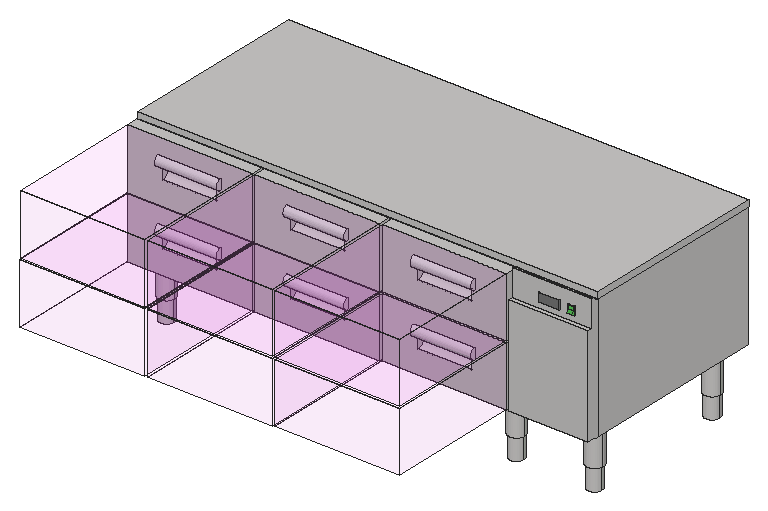
Revit family "QF_ZANUSSI_372296_Z7TTBECOMKN", category Specialty Equipment, Revit 2021 (continued)
Automatic sketch dimensions
  Split face 9 sketch curve to Split face 9 sketch curve = 4 mm
  Split face 10 sketch curve to Extrusion 4 = 39 mm
  Split face 10 sketch curve to Split face 10 sketch curve = 0.02 mm  (x2)
  Split face 10 sketch curve to Split face 10 sketch curve = 31.959 mm
  Split face 10 sketch curve to Extrusion 4 = 71 mm
  Split face 10 sketch curve to Split face 10 sketch curve = 4 mm
  Split face 11 sketch curve to Extrusion 4 = 39 mm
  Split face 11 sketch curve to Split face 11 sketch curve = 0.02 mm  (x2)
  Split face 11 sketch curve to Split face 11 sketch curve = 31.959 mm
  Split face 11 sketch curve to Extrusion 4 = 59 mm
  Split face 11 sketch curve to Split face 11 sketch curve = 4 mm
  Split face 12 sketch curve to Extrusion 4 = 39 mm
  Split face 12 sketch curve to Split face 12 sketch curve = 0.02 mm  (x2)
  Split face 12 sketch curve to Split face 12 sketch curve = 31.959 mm
  Split face 12 sketch curve to Extrusion 4 = 47 mm
  Split face 12 sketch curve to Split face 12 sketch curve = 4 mm
  Split face 13 sketch curve to Extrusion 4 = 39 mm
  Split face 13 sketch curve to Split face 13 sketch curve = 0.02 mm  (x2)
  Split face 13 sketch curve to Split face 13 sketch curve = 31.959 mm
  Split face 13 sketch curve to Extrusion 4 = 35 mm
  Split face 13 sketch curve to Split face 13 sketch curve = 4 mm
  Split face 14 sketch curve to Extrusion 4 = 19 mm
  Split face 14 sketch curve to Extrusion 4 = 39 mm
  Split face 14 sketch curve to Split face 14 sketch curve = 0.02 mm  (x2)
  Split face 14 sketch curve to Split face 14 sketch curve = 31.959 mm
  Split face 14 sketch curve to Split face 14 sketch curve = 4 mm
  Split face 15 sketch curve to Extrusion 4 = 39 mm
  Split face 15 sketch curve to Split face 15 sketch curve = 0.02 mm  (x2)
  Split face 15 sketch curve to Split face 15 sketch curve = 31.959 mm
  Split face 15 sketch curve to Extrusion 4 = 130.896 mm
  Split face 15 sketch curve to Split face 15 sketch curve = 4 mm
  Split face 16 sketch curve to Extrusion 4 = 39 mm
  Split face 16 sketch curve to Split face 16 sketch curve = 0.02 mm  (x2)
  Split face 16 sketch curve to Split face 16 sketch curve = 31.959 mm
  Split face 16 sketch curve to Extrusion 4 = 118.208 mm
  Split face 16 sketch curve to Split face 16 sketch curve = 4 mm
  Split face 17 sketch curve to Extrusion 4 = 39 mm
  Split face 17 sketch curve to Split face 17 sketch curve = 0.02 mm  (x2)
  Split face 17 sketch curve to Split face 17 sketch curve = 31.959 mm
  Split face 17 sketch curve to Extrusion 4 = 130.208 mm
  Split face 17 sketch curve to Split face 17 sketch curve = 4 mm
  Split face 18 sketch curve to Extrusion 4 = 39 mm
  Split face 18 sketch curve to Split face 18 sketch curve = 0.02 mm  (x2)
  Split face 18 sketch curve to Split face 18 sketch curve = 31.959 mm
  Split face 18 sketch curve to Extrusion 4 = 142.208 mm
  Split face 18 sketch curve to Split face 18 sketch curve = 4 mm
  Split face 19 sketch curve to Extrusion 4 = 39 mm
  Split face 19 sketch curve to Split face 19 sketch curve = 0.02 mm  (x2)
  Split face 19 sketch curve to Split face 19 sketch curve = 31.959 mm
  Split face 19 sketch curve to Extrusion 4 = 154.896 mm
  Split face 19 sketch curve to Split face 19 sketch curve = 4 mm
  Split face 20 sketch curve to Extrusion 4 = 39 mm
  Split face 20 sketch curve to Split face 20 sketch curve = 0.02 mm  (x2)
  Split face 20 sketch curve to Split face 20 sketch curve = 31.959 mm
  Split face 20 sketch curve to Extrusion 4 = 142.896 mm
  Split face 20 sketch curve to Split face 20 sketch curve = 4 mm
  Split face 21 sketch curve to Extrusion 4 = 39 mm
  Split face 21 sketch curve to Split face 21 sketch curve = 0.02 mm  (x2)
  Split face 21 sketch curve to Split face 21 sketch curve = 31.959 mm
  Split face 21 sketch curve to Extrusion 4 = 106.208 mm
  Split face 21 sketch curve to Split face 21 sketch curve = 4 mm
  Split face 22 sketch curve to Extrusion 4 = 14.312 mm
  Split face 22 sketch curve to Extrusion 4 = 39 mm
  Split face 22 sketch curve to Split face 22 sketch curve = 0.02 mm  (x2)
  Split face 22 sketch curve to Extrusion 4 = 10.312 mm
  Split face 22 sketch curve to Split face 22 sketch curve = 31.959 mm
  Split face 23 sketch curve to Extrusion 4 = 39 mm
  Split face 23 sketch curve to Split face 23 sketch curve = 0.02 mm  (x2)
  Split face 23 sketch curve to Split face 23 sketch curve = 31.959 mm
  Split face 23 sketch curve to Extrusion 4 = 22.312 mm
  Split face 23 sketch curve to Split face 23 sketch curve = 4 mm
  Split face 24 sketch curve to Extrusion 4 = 39 mm
  Split face 24 sketch curve to Split face 24 sketch curve = 0.02 mm  (x2)
  Split face 24 sketch curve to Split face 24 sketch curve = 31.959 mm
  Split face 24 sketch curve to Extrusion 4 = 34.312 mm
  Split face 24 sketch curve to Split face 24 sketch curve = 4 mm
  Split face 25 sketch curve to Extrusion 4 = 39 mm
  Split face 25 sketch curve to Split face 25 sketch curve = 0.02 mm  (x2)
  Split face 25 sketch curve to Split face 25 sketch curve = 31.959 mm
  Split face 25 sketch curve to Extrusion 4 = 46.209 mm
  Split face 25 sketch curve to Split face 25 sketch curve = 4 mm
  Split face 26 sketch curve to Extrusion 4 = 39 mm
  Split face 26 sketch curve to Split face 26 sketch curve = 0.02 mm  (x2)
  Split face 26 sketch curve to Split face 26 sketch curve = 31.959 mm
  Split face 26 sketch curve to Extrusion 4 = 58.208 mm
  Split face 26 sketch curve to Split face 26 sketch curve = 4 mm
  Split face 27 sketch curve to Extrusion 4 = 39 mm
  Split face 27 sketch curve to Split face 27 sketch curve = 0.02 mm  (x2)
  Split face 27 sketch curve to Split face 27 sketch curve = 31.959 mm
  Split face 27 sketch curve to Extrusion 4 = 70.208 mm
  Split face 27 sketch curve to Split face 27 sketch curve = 4 mm
  Split face 28 sketch curve to Extrusion 4 = 39 mm
  Split face 28 sketch curve to Split face 28 sketch curve = 0.02 mm  (x2)
  Split face 28 sketch curve to Split face 28 sketch curve = 31.959 mm
  Split face 28 sketch curve to Extrusion 4 = 82.208 mm
  Split face 28 sketch curve to Split face 28 sketch curve = 4 mm
  Split face 29 sketch curve to Extrusion 4 = 39 mm
  Split face 29 sketch curve to Split face 29 sketch curve = 0.02 mm  (x2)
  Split face 29 sketch curve to Split face 29 sketch curve = 31.959 mm
  Split face 29 sketch curve to Extrusion 4 = 94.208 mm
  Split face 29 sketch curve to Split face 29 sketch curve = 4 mm
  Split face 30 sketch curve to Extrusion 4 = 94 mm
  Split face 30 sketch curve to Split face 30 sketch curve = 0.02 mm  (x2)
  Split face 30 sketch curve to Split face 30 sketch curve = 31.959 mm
  Split face 30 sketch curve to Extrusion 4 = 118.896 mm
  Split face 30 sketch curve to Split face 30 sketch curve = 4 mm
  Split face 31 sketch curve to Extrusion 4 = 94 mm
  Split face 31 sketch curve to Split face 31 sketch curve = 0.02 mm  (x2)
  Split face 31 sketch curve to Split face 31 sketch curve = 31.959 mm
  Split face 31 sketch curve to Extrusion 4 = 106.896 mm
  Split face 31 sketch curve to Split face 31 sketch curve = 4 mm
  Split face 32 sketch curve to Extrusion 4 = 94 mm
  Split face 32 sketch curve to Split face 32 sketch curve = 0.02 mm  (x2)
  Split face 32 sketch curve to Split face 32 sketch curve = 31.959 mm
  Split face 32 sketch curve to Extrusion 4 = 94.897 mm
  Split face 32 sketch curve to Split face 32 sketch curve = 4 mm
  Split face 33 sketch curve to Extrusion 4 = 94 mm
  Split face 33 sketch curve to Split face 33 sketch curve = 0.02 mm  (x2)
  Split face 33 sketch curve to Split face 33 sketch curve = 31.959 mm
  Split face 33 sketch curve to Extrusion 4 = 82.999 mm
  Split face 33 sketch curve to Split face 33 sketch curve = 4 mm
  Split face 34 sketch curve to Extrusion 4 = 94 mm
  Split face 34 sketch curve to Split face 34 sketch curve = 0.02 mm  (x2)
  Split face 34 sketch curve to Split face 34 sketch curve = 31.959 mm
  Split face 34 sketch curve to Extrusion 4 = 71 mm
  Split face 34 sketch curve to Split face 34 sketch curve = 4 mm
  Split face 35 sketch curve to Extrusion 4 = 94 mm
  Split face 35 sketch curve to Split face 35 sketch curve = 0.02 mm  (x2)
  Split face 35 sketch curve to Split face 35 sketch curve = 31.959 mm
  Split face 35 sketch curve to Extrusion 4 = 59 mm
  Split face 35 sketch curve to Split face 35 sketch curve = 4 mm
  Split face 36 sketch curve to Extrusion 4 = 43 mm
  Split face 36 sketch curve to Extrusion 4 = 94 mm
  Split face 36 sketch curve to Split face 36 sketch curve = 0.02 mm  (x2)
  Split face 36 sketch curve to Split face 36 sketch curve = 31.959 mm
  Split face 36 sketch curve to Split face 36 sketch curve = 4 mm
  Split face 37 sketch curve to Extrusion 4 = 31 mm
  Split face 37 sketch curve to Extrusion 4 = 94 mm
  Split face 37 sketch curve to Split face 37 sketch curve = 0.02 mm  (x2)
  Split face 37 sketch curve to Split face 37 sketch curve = 31.959 mm
  Split face 37 sketch curve to Split face 37 sketch curve = 4 mm
  Split face 38 sketch curve to Extrusion 4 = 19 mm
  Split face 38 sketch curve to Extrusion 4 = 94 mm
  Split face 38 sketch curve to Split face 38 sketch curve = 0.02 mm  (x2)
  Split face 38 sketch curve to Split face 38 sketch curve = 31.959 mm
  Split face 38 sketch curve to Split face 38 sketch curve = 4 mm
  Split face 39 sketch curve to Extrusion 4 = 94 mm
  Split face 39 sketch curve to Split face 39 sketch curve = 0.02 mm  (x2)
  Split face 39 sketch curve to Split face 39 sketch curve = 31.959 mm
  Split face 39 sketch curve to Extrusion 4 = 130.896 mm
  Split face 39 sketch curve to Split face 39 sketch curve = 4 mm
  Split face 40 sketch curve to Extrusion 4 = 94 mm
  Split face 40 sketch curve to Split face 40 sketch curve = 0.02 mm  (x2)
  Split face 40 sketch curve to Split face 40 sketch curve = 31.959 mm
  Split face 40 sketch curve to Extrusion 4 = 118.208 mm
  Split face 40 sketch curve to Split face 40 sketch curve = 4 mm
  Split face 41 sketch curve to Extrusion 4 = 94 mm
  Split face 41 sketch curve to Split face 41 sketch curve = 0.02 mm  (x2)
  Split face 41 sketch curve to Split face 41 sketch curve = 31.959 mm
  Split face 41 sketch curve to Extrusion 4 = 130.208 mm
  Split face 41 sketch curve to Split face 41 sketch curve = 4 mm
  Split face 42 sketch curve to Extrusion 4 = 94 mm
  Split face 42 sketch curve to Split face 42 sketch curve = 0.02 mm  (x2)
  Split face 42 sketch curve to Split face 42 sketch curve = 31.959 mm
  Split face 42 sketch curve to Extrusion 4 = 142.208 mm
  Split face 42 sketch curve to Split face 42 sketch curve = 4 mm
  Split face 43 sketch curve to Extrusion 4 = 94 mm
  Split face 43 sketch curve to Split face 43 sketch curve = 0.02 mm  (x2)
  Split face 43 sketch curve to Split face 43 sketch curve = 31.959 mm
  Split face 43 sketch curve to Extrusion 4 = 154.896 mm
  Split face 43 sketch curve to Split face 43 sketch curve = 4 mm
  Split face 44 sketch curve to Extrusion 4 = 94 mm
  Split face 44 sketch curve to Split face 44 sketch curve = 0.02 mm  (x2)
  Split face 44 sketch curve to Split face 44 sketch curve = 31.959 mm
  Split face 44 sketch curve to Extrusion 4 = 142.896 mm
  Split face 44 sketch curve to Split face 44 sketch curve = 4 mm
  Split face 45 sketch curve to Extrusion 4 = 94 mm
  Split face 45 sketch curve to Split face 45 sketch curve = 0.02 mm  (x2)
  Split face 45 sketch curve to Split face 45 sketch curve = 31.959 mm
  Split face 45 sketch curve to Extrusion 4 = 106.208 mm
  Split face 45 sketch curve to Split face 45 sketch curve = 4 mm
  Split face 46 sketch curve to Extrusion 4 = 14.312 mm
  Split face 46 sketch curve to Extrusion 4 = 94 mm
  Split face 46 sketch curve to Split face 46 sketch curve = 0.02 mm  (x2)
  Split face 46 sketch curve to Extrusion 4 = 10.312 mm
  Split face 46 sketch curve to Split face 46 sketch curve = 31.959 mm
  Split face 47 sketch curve to Extrusion 4 = 26.312 mm
  Split face 47 sketch curve to Extrusion 4 = 94 mm
  Split face 47 sketch curve to Split face 47 sketch curve = 0.02 mm  (x2)
  Split face 47 sketch curve to Split face 47 sketch curve = 31.959 mm
  Split face 47 sketch curve to Split face 47 sketch curve = 4 mm
  Split face 48 sketch curve to Extrusion 4 = 38.311 mm
  Split face 48 sketch curve to Extrusion 4 = 94 mm
  Split face 48 sketch curve to Split face 48 sketch curve = 0.02 mm  (x2)
  Split face 48 sketch curve to Split face 48 sketch curve = 31.959 mm
  Split face 48 sketch curve to Split face 48 sketch curve = 4 mm
  Split face 49 sketch curve to Extrusion 4 = 94 mm
  Split face 49 sketch curve to Split face 49 sketch curve = 0.02 mm  (x2)
  Split face 49 sketch curve to Split face 49 sketch curve = 31.959 mm
  Split face 49 sketch curve to Extrusion 4 = 46.209 mm
  Split face 49 sketch curve to Split face 49 sketch curve = 4 mm
  Split face 50 sketch curve to Extrusion 4 = 94 mm
  Split face 50 sketch curve to Split face 50 sketch curve = 0.02 mm  (x2)
  Split face 50 sketch curve to Split face 50 sketch curve = 31.959 mm
  Split face 50 sketch curve to Extrusion 4 = 58.208 mm
  Split face 50 sketch curve to Split face 50 sketch curve = 4 mm
  Split face 51 sketch curve to Extrusion 4 = 94 mm
  Split face 51 sketch curve to Split face 51 sketch curve = 0.02 mm  (x2)
  Split face 51 sketch curve to Split face 51 sketch curve = 31.959 mm
  Split face 51 sketch curve to Extrusion 4 = 70.208 mm
  Split face 51 sketch curve to Split face 51 sketch curve = 4 mm
  Split face 52 sketch curve to Extrusion 4 = 94 mm
  Split face 52 sketch curve to Split face 52 sketch curve = 0.02 mm  (x2)
  Split face 52 sketch curve to Split face 52 sketch curve = 31.959 mm
  Split face 52 sketch curve to Extrusion 4 = 82.208 mm
  Split face 52 sketch curve to Split face 52 sketch curve = 4 mm
  Split face 53 sketch curve to Extrusion 4 = 94 mm
  Split face 53 sketch curve to Split face 53 sketch curve = 0.02 mm  (x2)
  Split face 53 sketch curve to Split face 53 sketch curve = 31.959 mm
  Split face 53 sketch curve to Extrusion 4 = 94.208 mm
  Split face 53 sketch curve to Split face 53 sketch curve = 4 mm
  Split face 54 sketch curve to Extrusion 4 = 126 mm
  Split face 54 sketch curve to Split face 54 sketch curve = 0.02 mm  (x2)
  Split face 54 sketch curve to Split face 54 sketch curve = 31.959 mm
  Split face 54 sketch curve to Extrusion 4 = 118.896 mm
  Split face 54 sketch curve to Split face 54 sketch curve = 4 mm
  Split face 55 sketch curve to Extrusion 4 = 126 mm
  Split face 55 sketch curve to Split face 55 sketch curve = 0.02 mm  (x2)
  Split face 55 sketch curve to Split face 55 sketch curve = 31.959 mm
  Split face 55 sketch curve to Extrusion 4 = 106.896 mm
  Split face 55 sketch curve to Split face 55 sketch curve = 4 mm
  Split face 56 sketch curve to Extrusion 4 = 126 mm
  Split face 56 sketch curve to Split face 56 sketch curve = 0.02 mm  (x2)
  Split face 56 sketch curve to Split face 56 sketch curve = 31.959 mm
  Split face 56 sketch curve to Extrusion 4 = 94.897 mm
  Split face 56 sketch curve to Split face 56 sketch curve = 4 mm
  Split face 57 sketch curve to Extrusion 4 = 126 mm
  Split face 57 sketch curve to Split face 57 sketch curve = 0.02 mm  (x2)
  Split face 57 sketch curve to Split face 57 sketch curve = 31.959 mm
  Split face 57 sketch curve to Extrusion 4 = 82.999 mm
  Split face 57 sketch curve to Split face 57 sketch curve = 4 mm
  Split face 58 sketch curve to Extrusion 4 = 126 mm
  Split face 58 sketch curve to Split face 58 sketch curve = 0.02 mm  (x2)
  Split face 58 sketch curve to Split face 58 sketch curve = 31.959 mm
  Split face 58 sketch curve to Extrusion 4 = 71 mm
  Split face 58 sketch curve to Split face 58 sketch curve = 4 mm
  Split face 59 sketch curve to Extrusion 4 = 55 mm
  Split face 59 sketch curve to Extrusion 4 = 126 mm
  Split face 59 sketch curve to Split face 59 sketch curve = 0.02 mm  (x2)
  Split face 59 sketch curve to Split face 59 sketch curve = 31.959 mm
  Split face 59 sketch curve to Split face 59 sketch curve = 4 mm
  Split face 60 sketch curve to Extrusion 4 = 43 mm
  Split face 60 sketch curve to Extrusion 4 = 126 mm
  Split face 60 sketch curve to Split face 60 sketch curve = 0.02 mm  (x2)
  Split face 60 sketch curve to Split face 60 sketch curve = 31.959 mm
  Split face 60 sketch curve to Split face 60 sketch curve = 4 mm
  Split face 61 sketch curve to Extrusion 4 = 31 mm
  Split face 61 sketch curve to Extrusion 4 = 126 mm
  Split face 61 sketch curve to Split face 61 sketch curve = 0.02 mm  (x2)
  Split face 61 sketch curve to Split face 61 sketch curve = 31.959 mm
  Split face 61 sketch curve to Split face 61 sketch curve = 4 mm
  Split face 62 sketch curve to Extrusion 4 = 19 mm
  Split face 62 sketch curve to Extrusion 4 = 126 mm
  Split face 62 sketch curve to Split face 62 sketch curve = 0.02 mm  (x2)
  Split face 62 sketch curve to Split face 62 sketch curve = 31.959 mm
  Split face 62 sketch curve to Split face 62 sketch curve = 4 mm
  Split face 63 sketch curve to Extrusion 4 = 126 mm
  Split face 63 sketch curve to Split face 63 sketch curve = 0.02 mm  (x2)
  Split face 63 sketch curve to Split face 63 sketch curve = 31.959 mm
  Split face 63 sketch curve to Extrusion 4 = 130.896 mm
  Split face 63 sketch curve to Split face 63 sketch curve = 4 mm
  Split face 64 sketch curve to Extrusion 4 = 126 mm
  Split face 64 sketch curve to Split face 64 sketch curve = 0.02 mm  (x2)
  Split face 64 sketch curve to Split face 64 sketch curve = 31.959 mm
  Split face 64 sketch curve to Extrusion 4 = 118.208 mm
  Split face 64 sketch curve to Split face 64 sketch curve = 4 mm
  Split face 65 sketch curve to Extrusion 4 = 126 mm
  Split face 65 sketch curve to Split face 65 sketch curve = 0.02 mm  (x2)
  Split face 65 sketch curve to Split face 65 sketch curve = 31.959 mm
  Split face 65 sketch curve to Extrusion 4 = 130.208 mm
  Split face 65 sketch curve to Split face 65 sketch curve = 4 mm
  Split face 66 sketch curve to Extrusion 4 = 126 mm
  Split face 66 sketch curve to Split face 66 sketch curve = 0.02 mm  (x2)
  Split face 66 sketch curve to Split face 66 sketch curve = 31.959 mm
  Split face 66 sketch curve to Extrusion 4 = 142.208 mm
  Split face 66 sketch curve to Split face 66 sketch curve = 4 mm
  Split face 67 sketch curve to Extrusion 4 = 126 mm
  Split face 67 sketch curve to Split face 67 sketch curve = 0.02 mm  (x2)
  Split face 67 sketch curve to Split face 67 sketch curve = 31.959 mm
  Split face 67 sketch curve to Extrusion 4 = 154.896 mm
  Split face 67 sketch curve to Split face 67 sketch curve = 4 mm
  Split face 68 sketch curve to Extrusion 4 = 126 mm
  Split face 68 sketch curve to Split face 68 sketch curve = 0.02 mm  (x2)
  Split face 68 sketch curve to Split face 68 sketch curve = 31.959 mm
  Split face 68 sketch curve to Extrusion 4 = 142.896 mm
  Split face 68 sketch curve to Split face 68 sketch curve = 4 mm
  Split face 69 sketch curve to Extrusion 4 = 126 mm
  Split face 69 sketch curve to Split face 69 sketch curve = 0.02 mm  (x2)
  Split face 69 sketch curve to Split face 69 sketch curve = 31.959 mm
  Split face 69 sketch curve to Extrusion 4 = 106.208 mm
  Split face 69 sketch curve to Split face 69 sketch curve = 4 mm
  Split face 70 sketch curve to Extrusion 4 = 14.312 mm
  Split face 70 sketch curve to Extrusion 4 = 126 mm
  Split face 70 sketch curve to Split face 70 sketch curve = 0.02 mm  (x2)
  Split face 70 sketch curve to Extrusion 4 = 10.312 mm
  Split face 70 sketch curve to Split face 70 sketch curve = 31.959 mm
  Split face 71 sketch curve to Extrusion 4 = 26.312 mm
  Split face 71 sketch curve to Extrusion 4 = 126 mm
  Split face 71 sketch curve to Split face 71 sketch curve = 0.02 mm  (x2)
  Split face 71 sketch curve to Split face 71 sketch curve = 31.959 mm
  Split face 71 sketch curve to Split face 71 sketch curve = 4 mm
  Split face 72 sketch curve to Extrusion 4 = 38.311 mm
  Split face 72 sketch curve to Extrusion 4 = 126 mm
  Split face 72 sketch curve to Split face 72 sketch curve = 0.02 mm  (x2)
  Split face 72 sketch curve to Split face 72 sketch curve = 31.959 mm
  Split face 72 sketch curve to Split face 72 sketch curve = 4 mm
  Split face 73 sketch curve to Extrusion 4 = 50.209 mm
  Split face 73 sketch curve to Extrusion 4 = 126 mm
  Split face 73 sketch curve to Split face 73 sketch curve = 0.02 mm  (x2)
  Split face 73 sketch curve to Split face 73 sketch curve = 31.959 mm
  Split face 73 sketch curve to Split face 73 sketch curve = 4 mm
  Split face 74 sketch curve to Extrusion 4 = 62.208 mm
  Split face 74 sketch curve to Extrusion 4 = 126 mm
  Split face 74 sketch curve to Split face 74 sketch curve = 0.02 mm  (x2)
  Split face 74 sketch curve to Split face 74 sketch curve = 31.959 mm
  Split face 74 sketch curve to Split face 74 sketch curve = 4 mm
  Split face 75 sketch curve to Extrusion 4 = 126 mm
  Split face 75 sketch curve to Split face 75 sketch curve = 0.02 mm  (x2)
  Split face 75 sketch curve to Split face 75 sketch curve = 31.959 mm
  Split face 75 sketch curve to Extrusion 4 = 70.208 mm
  Split face 75 sketch curve to Split face 75 sketch curve = 4 mm
  Split face 76 sketch curve to Extrusion 4 = 126 mm
  Split face 76 sketch curve to Split face 76 sketch curve = 0.02 mm  (x2)
  Split face 76 sketch curve to Split face 76 sketch curve = 31.959 mm
  Split face 76 sketch curve to Extrusion 4 = 82.208 mm
  Split face 76 sketch curve to Split face 76 sketch curve = 4 mm
  Split face 77 sketch curve to Extrusion 4 = 126 mm
  Split face 77 sketch curve to Split face 77 sketch curve = 0.02 mm  (x2)
  Split face 77 sketch curve to Split face 77 sketch curve = 31.959 mm
  Split face 77 sketch curve to Extrusion 4 = 94.208 mm
  Split face 77 sketch curve to Split face 77 sketch curve = 4 mm
  Split face 78 sketch curve to Extrusion 4 = 71 mm
  Split face 78 sketch curve to Split face 78 sketch curve = 0.02 mm  (x2)
  Split face 78 sketch curve to Split face 78 sketch curve = 31.959 mm
  Split face 78 sketch curve to Extrusion 4 = 118.896 mm
  Split face 78 sketch curve to Split face 78 sketch curve = 4 mm
  Split face 79 sketch curve to Extrusion 4 = 71 mm
  Split face 79 sketch curve to Split face 79 sketch curve = 0.02 mm  (x2)
  Split face 79 sketch curve to Split face 79 sketch curve = 31.959 mm
  Split face 79 sketch curve to Extrusion 4 = 106.896 mm
  Split face 79 sketch curve to Split face 79 sketch curve = 4 mm
  Split face 80 sketch curve to Extrusion 4 = 71 mm
  Split face 80 sketch curve to Split face 80 sketch curve = 0.02 mm  (x2)
  Split face 80 sketch curve to Split face 80 sketch curve = 31.959 mm
  Split face 80 sketch curve to Extrusion 4 = 94.897 mm
  Split face 80 sketch curve to Split face 80 sketch curve = 4 mm
  Split face 81 sketch curve to Extrusion 4 = 71 mm
  Split face 81 sketch curve to Split face 81 sketch curve = 0.02 mm  (x2)
  Split face 81 sketch curve to Split face 81 sketch curve = 31.959 mm
  Split face 81 sketch curve to Extrusion 4 = 82.999 mm
  Split face 81 sketch curve to Split face 81 sketch curve = 4 mm
  Split face 82 sketch curve to Extrusion 4 = 71 mm  (x2)
  Split face 82 sketch curve to Split face 82 sketch curve = 0.02 mm  (x2)
  Split face 82 sketch curve to Split face 82 sketch curve = 31.959 mm
  Split face 82 sketch curve to Split face 82 sketch curve = 4 mm
  Split face 83 sketch curve to Extrusion 4 = 71 mm
  Split face 83 sketch curve to Split face 83 sketch curve = 0.02 mm  (x2)
  Split face 83 sketch curve to Split face 83 sketch curve = 31.959 mm
  Split face 83 sketch curve to Extrusion 4 = 59 mm
  Split face 83 sketch curve to Split face 83 sketch curve = 4 mm
  Split face 84 sketch curve to Extrusion 4 = 71 mm
  Split face 84 sketch curve to Split face 84 sketch curve = 0.02 mm  (x2)
  Split face 84 sketch curve to Split face 84 sketch curve = 31.959 mm
  Split face 84 sketch curve to Extrusion 4 = 47 mm
  Split face 84 sketch curve to Split face 84 sketch curve = 4 mm
  Split face 85 sketch curve to Extrusion 4 = 31 mm
  Split face 85 sketch curve to Extrusion 4 = 71 mm
  Split face 85 sketch curve to Split face 85 sketch curve = 0.02 mm  (x2)
  Split face 85 sketch curve to Split face 85 sketch curve = 31.959 mm
  Split face 85 sketch curve to Split face 85 sketch curve = 4 mm
  Split face 86 sketch curve to Extrusion 4 = 19 mm
  Split face 86 sketch curve to Extrusion 4 = 71 mm
  Split face 86 sketch curve to Split face 86 sketch curve = 0.02 mm  (x2)
  Split face 86 sketch curve to Split face 86 sketch curve = 31.959 mm
  Split face 86 sketch curve to Split face 86 sketch curve = 4 mm
  Split face 87 sketch curve to Extrusion 4 = 71 mm
  Split face 87 sketch curve to Split face 87 sketch curve = 0.02 mm  (x2)
  Split face 87 sketch curve to Split face 87 sketch curve = 31.959 mm
  Split face 87 sketch curve to Extrusion 4 = 130.896 mm
  Split face 87 sketch curve to Split face 87 sketch curve = 4 mm
  Split face 88 sketch curve to Extrusion 4 = 71 mm
  Split face 88 sketch curve to Split face 88 sketch curve = 0.02 mm  (x2)
  Split face 88 sketch curve to Split face 88 sketch curve = 31.959 mm
  Split face 88 sketch curve to Extrusion 4 = 118.208 mm
  Split face 88 sketch curve to Split face 88 sketch curve = 4 mm
  Split face 89 sketch curve to Extrusion 4 = 71 mm
  Split face 89 sketch curve to Split face 89 sketch curve = 0.02 mm  (x2)
  Split face 89 sketch curve to Split face 89 sketch curve = 31.959 mm
  Split face 89 sketch curve to Extrusion 4 = 130.208 mm
  Split face 89 sketch curve to Split face 89 sketch curve = 4 mm
  Split face 90 sketch curve to Extrusion 4 = 71 mm
  Split face 90 sketch curve to Split face 90 sketch curve = 0.02 mm  (x2)
  Split face 90 sketch curve to Split face 90 sketch curve = 31.959 mm
  Split face 90 sketch curve to Extrusion 4 = 142.208 mm
  Split face 90 sketch curve to Split face 90 sketch curve = 4 mm
  Split face 91 sketch curve to Extrusion 4 = 71 mm
  Split face 91 sketch curve to Split face 91 sketch curve = 0.02 mm  (x2)
  Split face 91 sketch curve to Split face 91 sketch curve = 31.959 mm
  Split face 91 sketch curve to Extrusion 4 = 154.896 mm
  Split face 91 sketch curve to Split face 91 sketch curve = 4 mm
  Split face 92 sketch curve to Extrusion 4 = 71 mm
  Split face 92 sketch curve to Split face 92 sketch curve = 0.02 mm  (x2)
  Split face 92 sketch curve to Split face 92 sketch curve = 31.959 mm
  Split face 92 sketch curve to Extrusion 4 = 142.896 mm
  Split face 92 sketch curve to Split face 92 sketch curve = 4 mm
  Split face 93 sketch curve to Extrusion 4 = 71 mm
  Split face 93 sketch curve to Split face 93 sketch curve = 0.02 mm  (x2)
  Split face 93 sketch curve to Split face 93 sketch curve = 31.959 mm
  Split face 93 sketch curve to Extrusion 4 = 106.208 mm
  Split face 93 sketch curve to Split face 93 sketch curve = 4 mm
  Split face 94 sketch curve to Extrusion 4 = 14.312 mm
  Split face 94 sketch curve to Extrusion 4 = 71 mm
  Split face 94 sketch curve to Split face 94 sketch curve = 0.02 mm  (x2)
  Split face 94 sketch curve to Extrusion 4 = 10.312 mm
  Split face 94 sketch curve to Split face 94 sketch curve = 31.959 mm
  Split face 95 sketch curve to Extrusion 4 = 26.312 mm
  Split face 95 sketch curve to Extrusion 4 = 71 mm
  Split face 95 sketch curve to Split face 95 sketch curve = 0.02 mm  (x2)
  Split face 95 sketch curve to Split face 95 sketch curve = 31.959 mm
  Split face 95 sketch curve to Split face 95 sketch curve = 4 mm
  Split face 96 sketch curve to Extrusion 4 = 71 mm
  Split face 96 sketch curve to Split face 96 sketch curve = 0.02 mm  (x2)
  Split face 96 sketch curve to Split face 96 sketch curve = 31.959 mm
  Split face 96 sketch curve to Extrusion 4 = 34.312 mm
  Split face 96 sketch curve to Split face 96 sketch curve = 4 mm
  Split face 97 sketch curve to Extrusion 4 = 71 mm
  Split face 97 sketch curve to Split face 97 sketch curve = 0.02 mm  (x2)
  Split face 97 sketch curve to Split face 97 sketch curve = 31.959 mm
  Split face 97 sketch curve to Extrusion 4 = 46.209 mm
  Split face 97 sketch curve to Split face 97 sketch curve = 4 mm
  Split face 98 sketch curve to Extrusion 4 = 71 mm
  Split face 98 sketch curve to Split face 98 sketch curve = 0.02 mm  (x2)
  Split face 98 sketch curve to Split face 98 sketch curve = 31.959 mm
  Split face 98 sketch curve to Extrusion 4 = 58.208 mm
  Split face 98 sketch curve to Split face 98 sketch curve = 4 mm
  Split face 99 sketch curve to Extrusion 4 = 71 mm
  Split face 99 sketch curve to Split face 99 sketch curve = 0.02 mm  (x2)
  Split face 99 sketch curve to Split face 99 sketch curve = 31.959 mm
  Split face 99 sketch curve to Extrusion 4 = 70.208 mm
  Split face 99 sketch curve to Split face 99 sketch curve = 4 mm
  Split face 100 sketch curve to Extrusion 4 = 71 mm
  Split face 100 sketch curve to Split face 100 sketch curve = 0.02 mm  (x2)
  Split face 100 sketch curve to Split face 100 sketch curve = 31.959 mm
  Split face 100 sketch curve to Extrusion 4 = 82.208 mm
  Split face 100 sketch curve to Split face 100 sketch curve = 4 mm
  Split face 101 sketch curve to Extrusion 4 = 71 mm
  Split face 101 sketch curve to Split face 101 sketch curve = 0.02 mm  (x2)
  Split face 101 sketch curve to Split face 101 sketch curve = 31.959 mm
  Split face 101 sketch curve to Extrusion 4 = 94.208 mm
  Split face 101 sketch curve to Split face 101 sketch curve = 4 mm
  Extrusion 8 sketch curve to plane 7 "FRONT" = 0 mm  (x3)
  Extrusion 8 sketch curve to plane 13 "TOP" = 90.566 mm
  Extrusion 8 sketch curve to Extrusion 8 sketch curve = 8.275 mm
  Extrusion 9 sketch curve to plane 7 "FRONT" = 0 mm
  Extrusion 9 sketch curve to plane 7 "FRONT" = 2.777 mm
  plane 7 "FRONT" to Extrusion 9 sketch curve = 21.853 mm
  Extrusion 9 sketch curve to plane 11 = 4.5 mm
  Extrusion 9 sketch curve to plane 13 "TOP" = 128.294 mm
  Extrusion 9 sketch curve to Extrusion 9 sketch curve = 18.821 mm
  Extrusion 10 sketch curve to plane 7 "FRONT" = 0 mm  (x3)
  Extrusion 10 sketch curve to plane 13 "TOP" = 90.566 mm
  Extrusion 10 sketch curve to Extrusion 10 sketch curve = 8.275 mm
  Extrusion 11 sketch curve to plane 7 "FRONT" = 0 mm
  Extrusion 11 sketch curve to plane 7 "FRONT" = 2.777 mm
  plane 7 "FRONT" to Extrusion 11 sketch curve = 21.853 mm
  Extrusion 11 sketch curve to plane 11 = 4.5 mm
  Extrusion 11 sketch curve to plane 13 "TOP" = 128.294 mm
  Extrusion 11 sketch curve to Extrusion 11 sketch curve = 18.821 mm
  Extrusion 13 sketch curve to plane 7 "FRONT" = 0 mm  (x3)
  plane 12 to Extrusion 13 sketch curve = 124.434 mm
  Extrusion 13 sketch curve to Extrusion 13 sketch curve = 8.275 mm
  Extrusion 14 sketch curve to plane 7 "FRONT" = 0 mm
  Extrusion 14 sketch curve to plane 7 "FRONT" = 2.777 mm
  plane 7 "FRONT" to Extrusion 14 sketch curve = 21.853 mm
  Extrusion 14 sketch curve to plane 11 = 4.5 mm
  plane 12 to Extrusion 14 sketch curve = 86.706 mm
  Extrusion 14 sketch curve to Extrusion 14 sketch curve = 18.821 mm
  Extrusion 15 sketch curve to plane 7 "FRONT" = 0 mm  (x3)
  plane 12 to Extrusion 15 sketch curve = 124.434 mm
  Extrusion 15 sketch curve to Extrusion 15 sketch curve = 8.275 mm
  Extrusion 16 sketch curve to plane 7 "FRONT" = 0 mm
  Extrusion 16 sketch curve to plane 7 "FRONT" = 2.777 mm
  plane 7 "FRONT" to Extrusion 16 sketch curve = 21.853 mm
  Extrusion 16 sketch curve to plane 11 = 4.5 mm
  plane 12 to Extrusion 16 sketch curve = 86.706 mm
  Extrusion 16 sketch curve to Extrusion 16 sketch curve = 18.821 mm
  curve 58 to plane 7 "FRONT" = 0 mm
  curve 66 to plane 8 = 0 mm
  curve 37 to plane 8 = 0 mm
  curve 29 to plane 7 "FRONT" = 0 mm
  curve 28 to plane 7 "FRONT" = 0 mm
  curve 34 to plane 8 = 0 mm
  plane 16 to curve 68 = 46.999 mm
  plane 16 to curve 58 = 46.999 mm
  curve 71 to plane 16 = 64.501 mm
  curve 61 to plane 7 "FRONT" = 17.78 mm
  curve 61 to plane 16 = 64.501 mm
  plane 3 "Centro (Sinistra/Destra)" to curve 73 = 196.499 mm
  curve 60 to curve 70 = 0 mm
  plane 3 "Centro (Sinistra/Destra)" to curve 59 = 84.999 mm
  plane 3 "Centro (Sinistra/Destra)" to curve 65 = 84.999 mm
  curve 64 to curve 37 = 7.999 mm
  curve 59 to curve 39 = 7.999 mm
  curve 31 to plane 3 "Centro (Sinistra/Destra)" = 34.5 mm
  curve 51 to plane 3 "Centro (Sinistra/Destra)" = 34.5 mm
  curve 31 to plane 7 "FRONT" = 17.78 mm
  curve 25 to curve 31 = 211 mm
  curve 44 to curve 24 = 0 mm
  curve 35 to plane 3 "Centro (Sinistra/Destra)" = 357 mm
  curve 22 to curve 42 = 0 mm
  curve 22 to curve 28 = 7.999 mm
  curve 42 to curve 40 = 7.999 mm
  curve 34 to curve 46 = 111.501 mm
  curve 30 to plane 7 "FRONT" = 17.78 mm
  curve 30 to curve 46 = 0 mm
  plane 14 "LEFT" to curve 40 = 1 mm
  plane 14 "LEFT" to curve 27 = 1 mm
  curve 67 to plane 11 = 4.499 mm
  curve 27 to plane 11 = 4.499 mm
  curve 39 to plane 11 = 4.499 mm
  curve 41 to plane 7 "FRONT" = 60 mm
  curve 41 to curve 69 = 0 mm
  curve 43 to curve 42 = 0 mm
  curve 40 to curve 47 = 40 mm
  curve 34 to curve 49 = 0 mm
  curve 68 to curve 72 = 40 mm
  curve 71 to curve 73 = 17.78 mm
  curve 46 to curve 50 = 17.78 mm
  curve 44 to curve 51 = 17.78 mm
  plane 9 to curve 30 = 52.5 mm
  plane 9 to curve 50 = 52.5 mm
  Extrusion 19 sketch curve to plane 7 "FRONT" = 0 mm  (x3)
  Extrusion 19 sketch curve to plane 13 "TOP" = 90.566 mm
  Extrusion 19 sketch curve to Extrusion 19 sketch curve = 8.275 mm
  Extrusion 20 sketch curve to plane 7 "FRONT" = 0 mm
  Extrusion 20 sketch curve to plane 7 "FRONT" = 2.777 mm
  plane 7 "FRONT" to Extrusion 20 sketch curve = 21.853 mm
  Extrusion 20 sketch curve to plane 11 = 4.5 mm
  Extrusion 20 sketch curve to plane 13 "TOP" = 128.294 mm
  Extrusion 20 sketch curve to Extrusion 20 sketch curve = 18.821 mm
  Extrusion 21 sketch curve to plane 7 "FRONT" = 0 mm  (x3)
  plane 12 to Extrusion 21 sketch curve = 124.434 mm
  Extrusion 21 sketch curve to Extrusion 21 sketch curve = 8.275 mm
  Extrusion 22 sketch curve to plane 7 "FRONT" = 0 mm
  Extrusion 22 sketch curve to plane 7 "FRONT" = 2.777 mm
  plane 7 "FRONT" to Extrusion 22 sketch curve = 21.853 mm
  Extrusion 22 sketch curve to plane 11 = 4.5 mm
  plane 12 to Extrusion 22 sketch curve = 86.706 mm
  Extrusion 22 sketch curve to Extrusion 22 sketch curve = 18.821 mm
  plane 14 "LEFT" to Extrusion 17 sketch curve = 1 mm  (x2)
  Extrusion 17 sketch curve to plane 13 "TOP" = 0.8 mm  (x3)
  Extrusion 17 sketch curve to plane 3 "Centro (Sinistra/Destra)" = 364.999 mm
  plane 12 to Extrusion 17 sketch curve = 3.503 mm
  Extrusion 17 sketch curve to Extrusion 17 sketch curve = 0 mm  (x4)
  Extrusion 17 sketch curve to Extrusion 17 sketch curve = 7.999 mm  (x4)
  plane 12 to Extrusion 17 sketch curve = 3.9 mm  (x2)
  plane 3 "Centro (Sinistra/Destra)" to Extrusion 17 sketch curve = 77 mm
  plane 16 to Extrusion 17 sketch curve = 46.999 mm  (x2)
  Extrusion 17 sketch curve to Extrusion 17 sketch curve = 210.3 mm
  Extrusion 17 sketch curve to Extrusion 17 sketch curve = 4.303 mm
  Extrusion 17 sketch curve to Extrusion 17 sketch curve = 4.7 mm  (x2)
  plane 16 to Extrusion 12 sketch curve = 46.999 mm
  Extrusion 12 sketch curve to plane 16 = 76.7 mm
  Extrusion 12 sketch curve to Extrusion 12 sketch curve = 186.601 mm  (x2)
  plane 3 "Centro (Sinistra/Destra)" to Extrusion 12 sketch curve = 84.999 mm
  Extrusion 12 sketch curve to plane 13 "TOP" = 0.8 mm  (x3)
  Extrusion 12 sketch curve to Extrusion 12 sketch curve = 7.999 mm  (x2)
  Extrusion 12 sketch curve to plane 3 "Centro (Sinistra/Destra)" = 46.699 mm
  Extrusion 12 sketch curve to Extrusion 12 sketch curve = 123.7 mm  (x2)
  plane 9 to Extrusion 12 sketch curve = 64.7 mm
  plane 14 "LEFT" to Extrusion 12 sketch curve = 1 mm
  Extrusion 12 sketch curve to plane 13 "TOP" = 85 mm  (x3)
  Extrusion 12 sketch curve to Extrusion 12 sketch curve = 43.294 mm  (x3)
  Extrusion 12 sketch curve to Extrusion 12 sketch curve = 82.806 mm  (x2)
  Extrusion 12 sketch curve to Extrusion 12 sketch curve = 0.397 mm
  plane 12 to Extrusion 18 sketch curve = 3.9 mm  (x2)
  plane 16 to Extrusion 18 sketch curve = 46.999 mm
  Extrusion 18 sketch curve to plane 16 = 76.7 mm
  plane 12 to Extrusion 18 sketch curve = 86.706 mm  (x3)
  Extrusion 18 sketch curve to Extrusion 18 sketch curve = 186.601 mm  (x2)
  plane 3 "Centro (Sinistra/Destra)" to Extrusion 18 sketch curve = 84.999 mm
  Extrusion 18 sketch curve to Extrusion 18 sketch curve = 7.999 mm  (x2)
  Extrusion 18 sketch curve to plane 3 "Centro (Sinistra/Destra)" = 46.699 mm
  Extrusion 18 sketch curve to Extrusion 18 sketch curve = 123.7 mm  (x2)
  plane 9 to Extrusion 18 sketch curve = 64.7 mm
  plane 14 "LEFT" to Extrusion 18 sketch curve = 1 mm
  plane 12 to Extrusion 18 sketch curve = 3.503 mm
  Extrusion 18 sketch curve to Extrusion 18 sketch curve = 43.294 mm  (x3)
  Extrusion 18 sketch curve to Extrusion 18 sketch curve = 84.2 mm
  Extrusion 18 sketch curve to Extrusion 18 sketch curve = 0 mm  (x2)
  radius of Extrusion 2 sketch curve = 12 mm
Nested families
  nested 1: "Foot_Ø50_H200" at (-944, 194.95, 0), type "Foot_Ø50_H200"
  nested 2: "Foot_Ø50_H200" at (-944, -315.05, 0), type "Foot_Ø50_H200"
  nested 3: "Foot_Ø50_H200" at (272, -315.05, 0), type "Foot_Ø50_H200"
  nested 4: "Foot_Ø50_H200" at (272, 194.95, 0), type "Foot_Ø50_H200"
  nested 5: "Foot_Ø50_H200" at (544, 194.95, 0), type "Foot_Ø50_H200"
  nested 6: "Foot_Ø50_H200" at (544, -315.05, 0), type "Foot_Ø50_H200"
Connectors
  electrical at (559, 122.95, 190), driven by "Volts"
    settings: on Extrusion 2, index 2, voltage 220 V, apparent load 0 VA, apparent load phase1 0 VA, apparent load phase2 0 VA, apparent load phase3 0 VA, power factor 1, load classification "Altro", number of poles 1, system type 30, power factor state 1, is connector primary yes, connector utility no, sub classification motor no, connector description "Electrical Connection"
Definition of nested family "Foot_Ø50_H200"
  Parameters
    Default Elevation = 0 mm
  Reference planes
    plane 1 "Centro (Fronte/Retro)": y = 0
    plane 2: z = 0
    plane 3 "Centro (Sinistra/Destra)": x = 0
    plane 4: z = 200
  Forms (mm)
    Revolve 1, solid
      sketch origin (255.05, 0, 608.09) x (0, 0, 1) y (-1, 0, 0)
        loop
          line (-608.09, 255.05) -> (-608.09, 230.05) -> (-533.09, 230.05) -> (-533.09, 226.05) -> (-408.09, 226.05) -> (-408.09, 255.05) -> (-608.09, 255.05)
        axis (-608.09, 255.05) -> (-408.09, 255.05)
      angle from 0 to 360
  Dimensions and locks
    locked: Revolve 1 sketch curve to Revolve 1 sketch curve at 125
    aligned and locked: level to plane 2
    aligned and locked: plane 4 to Revolve 1 sketch curve
    aligned and locked: Revolve 1 sketch curve to level
    aligned and locked: plane 3 "Centro (Sinistra/Destra)" to Revolve 1 sketch curve
